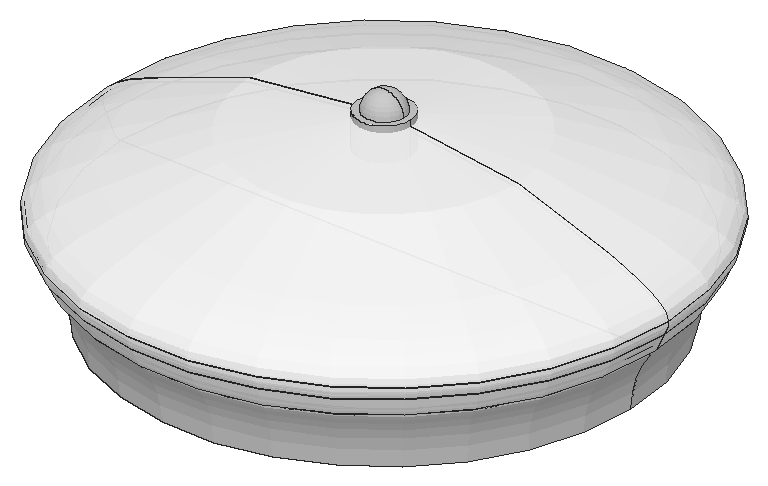
Revit family "0043407", category Lighting Devices, host Face, Revit 2023 (continued)
Definition of nested family "0043407_3000K_13.5W_lightsource"
  Parameters (values of type "START SURFACE IP54 PIR 450-1800 830/840 lightsource")
    built-in parameter 1150142 = "IESNA:LM-63-2002\r\n[TEST] 20231108002M-01\r\n[TESTLAB] \r\n[TESTDATE] 8 Nov 2023\r\n[ISSUEDATE] 8 Nov 2023\r\n[MANUFAC] SYLVANIA\r\n[LUMCAT] 0043407\r\n[LUMINAIRE] START Surface IP44 Multip PIR 1800lm 830 840-3000K 2µµ\r\n[FLASHAREA] 0.017100\r\n[LAMPCAT] LED\r\n[LAMP] LED\r\nTILT=NONE\r\n1 1325.00 1.0 181 3 1 2 -0.300 -0.300 0.000\r\n1.00 1.00 13.50\r\n0.00 1.00 2.00 3.00 4.00 5.00 6.00 7.00 8.00 9.00 10.00 \r\n11.00 12.00 13.00 14.00 15.00 16.00 17.00 18.00 19.00 \r\n20.00 21.00 22.00 23.00 24.00 25.00 26.00 27.00 28.00 \r\n29.00 30.00 31.00 32.00 33.00 34.00 35.00 36.00 37.00 \r\n38.00 39.00 40.00 41.00 42.00 43.00 44.00 45.00 46.00 \r\n47.00 48.00 49.00 50.00 51.00 52.00 53.00 54.00 55.00 \r\n56.00 57.00 58.00 59.00 60.00 61.00 62.00 63.00 64.00 \r\n65.00 66.00 67.00 68.00 69.00 70.00 71.00 72.00 73.00 \r\n74.00 75.00 76.00 77.00 78.00 79.00 80.00 81.00 82.00 \r\n83.00 84.00 85.00 86.00 87.00 88.00 89.00 90.00 91.00 \r\n92.00 93.00 94.00 95.00 96.00 97.00 98.00 99.00 100.00 \r\n101.00 102.00 103.00 104.00 105.00 106.00 107.00 108.00 \r\n109.00 110.00 111.00 112.00 113.00 114.00 115.00 116.00 \r\n117.00 118.00 119.00 120.00 121.00 122.00 123.00 124.00 \r\n125.00 126.00 127.00 128.00 129.00 130.00 131.00 132.00 \r\n133.00 134.00 135.00 136.00 137.00 138.00 139.00 140.00 \r\n141.00 142.00 143.00 144.00 145.00 146.00 147.00 148.00 \r\n149.00 150.00 151.00 152.00 153.00 154.00 155.00 156.00 \r\n157.00 158.00 159.00 160.00 161.00 162.00 163.00 164.00 \r\n165.00 166.00 167.00 168.00 169.00 170.00 171.00 172.00 \r\n173.00 174.00 175.00 176.00 177.00 178.00 179.00 180.00 \r\n0.00 45.00 90.00 \r\n365.44 365.30 364.90 364.38 363.85 363.18 362.39 361.46 \r\n360.53 359.34 358.01 356.69 355.10 353.51 351.79 349.93 \r\n347.94 345.96 343.70 341.45 339.07 336.55 333.90 331.25 \r\n328.33 325.55 322.37 319.32 316.14 312.70 309.25 305.68 \r\n302.10 298.39 294.55 290.70 286.73 282.75 278.65 274.41 \r\n270.04 265.79 261.29 256.79 252.15 247.51 242.87 238.10 \r\n233.20 228.30 223.39 218.36 213.32 208.16 203.12 197.96 \r\n192.66 187.35 182.19 176.89 171.72 166.42 161.25 156.08 \r\n151.05 145.88 140.85 135.94 131.07 126.30 121.52 116.96 \r\n112.52 108.17 103.93 99.76 95.73 91.82 87.94 84.14 80.55 \r\n77.10 73.67 70.45 67.30 64.22 61.25 58.29 55.49 52.84 \r\n50.27 47.89 45.57 43.38 41.33 39.37 37.48 35.74 34.11 \r\n32.63 31.26 29.97 28.79 27.73 26.76 25.82 25.06 24.38 \r\n23.77 23.24 22.78 22.34 21.92 21.53 21.16 20.79 20.44 \r\n20.10 19.76 19.42 19.11 18.78 18.43 18.13 17.77 17.44 \r\n17.07 16.72 16.34 15.99 15.62 15.28 14.97 14.67 14.40 \r\n14.11 13.81 13.53 13.26 12.99 12.69 12.45 12.20 11.89 \r\n11.43 10.96 10.47 9.97 9.49 9.05 8.65 8.37 8.16 8.07 8.15 \r\n8.23 8.26 8.27 8.24 8.24 8.31 8.43 8.50 8.51 8.47 8.13 \r\n7.38 6.26 4.85 3.73 3.28 3.23 3.60 3.87 3.94 4.06 4.67 \r\n5.38 6.03 6.25 6.25 \r\n365.44 365.44 365.17 364.77 364.38 363.71 363.05 362.25 \r\n361.33 360.27 359.21 357.88 356.56 355.10 353.51 351.79 \r\n349.93 347.94 345.96 343.84 341.45 339.20 336.68 334.16 \r\n331.38 328.60 325.69 322.64 319.59 316.41 313.10 309.65 \r\n306.21 302.63 298.92 295.21 291.37 287.39 283.42 279.44 \r\n275.33 271.09 266.72 262.35 257.98 253.47 248.84 244.20 \r\n239.43 234.66 229.89 224.99 219.95 214.91 210.01 204.84 \r\n199.68 194.51 189.34 184.17 178.88 173.71 168.54 163.37 \r\n158.21 152.91 147.87 142.97 137.93 133.16 128.22 123.53 \r\n118.87 114.33 109.86 105.50 101.31 97.19 93.29 89.46 \r\n85.65 82.02 78.39 74.98 71.64 68.44 65.38 62.42 59.56 \r\n56.75 54.06 51.46 49.00 46.64 44.43 42.36 40.40 38.50 \r\n36.76 35.09 33.48 32.05 30.69 29.45 28.35 27.39 26.46 \r\n25.64 24.88 24.22 23.65 23.15 22.72 22.35 22.05 21.76 \r\n21.54 21.37 21.19 20.95 20.64 20.29 19.89 19.45 18.99 \r\n18.48 17.93 17.40 16.92 16.44 15.99 15.52 15.04 14.47 \r\n13.77 12.98 12.19 11.40 10.64 9.91 9.17 8.52 7.99 7.51 \r\n7.07 6.69 6.30 5.93 5.63 5.60 5.69 5.84 6.00 6.30 6.59 \r\n6.88 7.22 7.24 7.12 6.99 6.73 6.31 5.92 5.75 5.45 5.08 \r\n4.47 3.58 3.51 3.44 3.37 3.30 3.23 3.49 3.66 3.78 4.15 \r\n4.56 5.63 6.52 6.66 \r\n365.44 365.57 365.44 365.30 364.90 364.51 363.85 363.18 \r\n362.39 361.59 360.53 359.47 358.28 356.95 355.50 353.77 \r\n352.19 350.33 348.47 346.49 344.24 342.11 339.73 337.34 \r\n334.69 332.04 329.26 326.48 323.56 320.52 317.34 314.02 \r\n310.71 307.27 303.69 300.11 296.27 292.56 288.72 284.74 \r\n280.77 276.66 272.55 268.18 263.94 259.44 255.06 250.42 \r\n245.79 241.15 236.38 231.61 226.84 221.94 216.90 212.00 \r\n206.83 201.80 196.76 191.59 186.43 181.13 176.09 170.92 \r\n165.76 160.59 155.56 150.52 145.48 140.58 135.55 130.82 \r\n125.97 121.37 116.83 112.28 107.96 103.73 99.61 95.56 \r\n91.58 87.73 83.97 80.41 76.82 73.56 70.25 67.08 64.05 \r\n61.06 58.15 55.25 52.67 50.16 47.78 45.49 43.29 41.25 \r\n39.27 37.39 35.67 34.11 32.62 31.26 30.02 28.86 27.82 \r\n26.84 25.90 25.16 24.43 23.84 23.33 22.91 22.52 22.15 \r\n21.89 21.61 21.36 21.11 20.87 20.67 20.43 20.25 20.07 \r\n19.90 19.74 19.57 19.41 19.25 19.07 18.80 18.46 18.03 \r\n17.56 17.00 16.39 15.77 15.12 14.44 13.81 13.21 12.72 \r\n12.31 11.98 11.63 11.29 10.95 10.66 10.38 10.04 9.70 9.33 \r\n8.92 8.46 8.07 7.61 7.18 6.69 6.14 5.60 5.12 4.42 3.72 \r\n3.11 2.66 2.72 3.26 3.90 4.14 3.88 3.03 3.19 3.34 3.50 \r\n3.65 3.80 4.49 5.51 6.80 7.12 \r\n"
    Model = "START SURFACE IP54 PIR 450-1800 830/840 lightsource"
    Manufacturer = "Feilo Sylvania"
    built-in parameter 1150105 = 383.64 (stored number, unit not read)
    Lumens = 1390.5 lm
    built-in parameter 1150115 = 1 (stored number, unit not read)
    built-in parameter 1150137 = (empty or 0)
    built-in parameter 1150139 = (empty or 0)
    built-in parameter 1150112 = 1 (stored number, unit not read)
    built-in parameter 1150114 = 1 (stored number, unit not read)
    Lamp = "LED"
    Keynote = "16500"
    built-in parameter 1150132 = (empty or 0)
    built-in parameter 1150102 = 103
    built-in parameter 1150107 = 3000 (stored number, unit not read)
    built-in parameter 1150138 = (empty or 0)
    built-in parameter 1150106 = 3.8364 (stored number, unit not read)
    Emit from Circle Diameter = 300 mm  # constant formula
    Emit Shape Visible in Rendering = no
    built-in parameter 1150104 = 9.569 (stored number, unit not read)
    Dimming Lamp Color Temperature Shift = (empty or 0)
    Description = ""
    Default Elevation = 1219.2 mm
    Cost = 0
    Color Filter = 16777215
    built-in parameter 1114216 [instance] = (empty or 0)
    built-in parameter 1114218 = 1 (stored number, unit not read)
    built-in parameter 1150133 = 10 (stored number, unit not read)
    Assembly Code = "D5020200"
    Apparent Load = 0 VA
  Reference planes
    plane 1 "Center (Front/Back)": y = 0
    plane 2: z = 0
    plane 3 "Center (Left/Right)": x = 0
  Forms (mm)
    Extrusion 1, solid
      sketch origin (4.2, 0, 0) x (1, 0, 0) y (0, 1, 0)
        loop
          line (-1219.2, 1219.2) -> (-1219.2, -1219.2) -> (1219.2, -1219.2) -> (1219.2, 1219.2) -> (-1219.2, 1219.2)
      from 0 to -68.017
  Dimensions and locks
    aligned and locked: plane 2 to Extrusion 1
    aligned and locked: level to Extrusion 1
Definition of nested family "0043407_3000K_17.5W_lightsource"
  Parameters (values of type "START SURFACE IP54 PIR 450-1800 830/840 lightsource")
    Wattage Comments = "n/a"
    Wattage = 17.5 W
    built-in parameter 1150110 = 1 (stored number, unit not read)
    URL = "http://www.sylvania-lighting.com"
    Type Image = (empty or 0)
    Type Comments = "n/a"
    built-in parameter 1114217 = 1 (stored number, unit not read)
    Tilt Angle = -90.00°
    built-in parameter 1150109 = 1 (stored number, unit not read)
    built-in parameter 1150134 = (empty or 0)
    built-in parameter 1150113 = 1 (stored number, unit not read)
    Photometric Web File = "0043407_3000K_17.5W.IES"
    built-in parameter 1150142 = "IESNA:LM-63-2002\r\n[TEST] 20231108002M-01\r\n[TESTLAB] \r\n[TESTDATE] 8 Nov 2023\r\n[ISSUEDATE] 8 Nov 2023\r\n[MANUFAC] SYLVANIA\r\n[LUMCAT] 0043407\r\n[LUMINAIRE] START Surface IP44 Multip PIR 1800lm 830 840-3000K 1µµ\r\n[FLASHAREA] 0.017100\r\n[LAMPCAT] LED\r\n[LAMP] LED\r\nTILT=NONE\r\n1 1725.00 1.0 181 3 1 2 -0.300 -0.300 0.000\r\n1.00 1.00 17.50\r\n0.00 1.00 2.00 3.00 4.00 5.00 6.00 7.00 8.00 9.00 10.00 \r\n11.00 12.00 13.00 14.00 15.00 16.00 17.00 18.00 19.00 \r\n20.00 21.00 22.00 23.00 24.00 25.00 26.00 27.00 28.00 \r\n29.00 30.00 31.00 32.00 33.00 34.00 35.00 36.00 37.00 \r\n38.00 39.00 40.00 41.00 42.00 43.00 44.00 45.00 46.00 \r\n47.00 48.00 49.00 50.00 51.00 52.00 53.00 54.00 55.00 \r\n56.00 57.00 58.00 59.00 60.00 61.00 62.00 63.00 64.00 \r\n65.00 66.00 67.00 68.00 69.00 70.00 71.00 72.00 73.00 \r\n74.00 75.00 76.00 77.00 78.00 79.00 80.00 81.00 82.00 \r\n83.00 84.00 85.00 86.00 87.00 88.00 89.00 90.00 91.00 \r\n92.00 93.00 94.00 95.00 96.00 97.00 98.00 99.00 100.00 \r\n101.00 102.00 103.00 104.00 105.00 106.00 107.00 108.00 \r\n109.00 110.00 111.00 112.00 113.00 114.00 115.00 116.00 \r\n117.00 118.00 119.00 120.00 121.00 122.00 123.00 124.00 \r\n125.00 126.00 127.00 128.00 129.00 130.00 131.00 132.00 \r\n133.00 134.00 135.00 136.00 137.00 138.00 139.00 140.00 \r\n141.00 142.00 143.00 144.00 145.00 146.00 147.00 148.00 \r\n149.00 150.00 151.00 152.00 153.00 154.00 155.00 156.00 \r\n157.00 158.00 159.00 160.00 161.00 162.00 163.00 164.00 \r\n165.00 166.00 167.00 168.00 169.00 170.00 171.00 172.00 \r\n173.00 174.00 175.00 176.00 177.00 178.00 179.00 180.00 \r\n0.00 45.00 90.00 \r\n474.20 473.86 473.69 473.17 472.31 471.44 470.58 469.55 \r\n468.34 466.79 465.23 463.51 461.61 459.54 457.30 454.88 \r\n452.47 449.71 446.95 444.19 441.08 437.98 434.53 431.08 \r\n427.63 423.66 419.87 415.90 411.76 407.44 402.96 398.48 \r\n393.82 388.99 383.99 378.98 373.98 368.81 363.46 357.94 \r\n352.42 347.07 341.21 335.34 329.48 323.61 317.57 311.19 \r\n304.98 298.60 292.22 285.66 279.11 272.55 265.82 259.09 \r\n252.37 245.64 238.91 232.19 225.28 218.56 211.66 205.10 \r\n198.38 191.82 185.44 178.71 172.67 166.39 160.25 154.15 \r\n148.30 142.55 136.95 131.53 126.18 121.08 116.04 111.07 \r\n106.28 101.74 97.38 93.03 88.79 84.87 80.87 77.09 73.45 \r\n69.91 66.57 63.39 60.34 57.36 54.65 52.09 49.66 47.39 \r\n45.21 43.19 41.26 39.57 38.04 36.60 35.29 34.12 33.09 \r\n32.12 31.22 30.53 29.86 29.24 28.69 28.17 27.65 27.15 \r\n26.67 26.22 25.75 25.32 24.89 24.46 24.03 23.58 23.15 \r\n22.70 22.24 21.77 21.27 20.80 20.32 19.84 19.44 19.08 \r\n18.70 18.34 17.96 17.58 17.20 16.83 16.43 16.08 15.75 \r\n15.28 14.71 14.13 13.48 12.88 12.29 11.73 11.25 10.91 \r\n10.67 10.61 10.77 10.90 10.93 10.92 10.89 10.88 11.02 \r\n11.16 11.26 11.30 11.14 10.64 9.64 8.15 6.32 4.86 4.31 \r\n4.22 4.76 5.12 5.19 5.34 6.15 7.07 7.89 8.21 8.21 \r\n474.20 474.03 473.69 473.34 472.82 472.13 471.27 470.24 \r\n469.03 467.82 466.44 464.71 462.99 461.09 458.85 456.78 \r\n454.37 451.95 449.19 446.43 443.50 440.39 437.29 434.01 \r\n430.39 426.94 423.14 419.18 415.21 411.07 406.76 402.44 \r\n397.96 393.30 388.64 383.64 378.81 373.63 368.46 363.29 \r\n357.94 352.59 346.90 341.38 335.51 329.65 323.78 317.92 \r\n311.71 305.50 299.29 292.91 286.52 279.97 273.41 266.86 \r\n260.30 253.58 246.85 240.12 233.22 226.49 219.94 213.04 \r\n206.31 199.75 193.20 186.65 180.09 173.71 167.38 161.29 \r\n155.18 149.35 143.54 137.91 132.48 127.06 121.91 116.89 \r\n112.04 107.30 102.57 98.12 93.75 89.60 85.58 81.70 78.00 \r\n74.30 70.79 67.36 64.17 61.17 58.29 55.53 52.85 50.40 \r\n48.04 45.87 43.92 42.02 40.24 38.62 37.16 35.79 34.53 \r\n33.53 32.57 31.72 30.91 30.26 29.65 29.19 28.77 28.41 \r\n28.10 27.86 27.62 27.29 26.88 26.41 25.88 25.31 24.70 \r\n24.03 23.29 22.60 21.98 21.36 20.77 20.15 19.51 18.72 \r\n17.70 16.72 15.74 14.77 13.78 12.85 11.93 11.12 10.45 \r\n9.84 9.33 8.86 8.35 7.87 7.49 7.47 7.57 7.76 7.98 8.36 \r\n8.74 9.13 9.53 9.60 9.42 9.22 8.84 8.28 7.75 7.52 7.13 \r\n6.67 5.88 4.76 4.66 4.56 4.46 4.36 4.26 4.58 4.79 4.98 \r\n5.47 5.97 7.36 8.52 8.76 \r\n474.20 474.20 474.03 473.69 473.34 472.65 471.96 471.10 \r\n470.06 469.03 467.65 466.10 464.54 462.64 460.75 458.85 \r\n456.61 454.19 451.78 449.19 446.26 443.50 440.39 437.29 \r\n433.84 430.39 426.77 423.14 419.18 415.21 411.07 406.93 \r\n402.44 397.96 393.47 388.64 383.99 378.98 373.98 368.81 \r\n363.63 358.28 352.76 347.24 341.55 335.86 329.99 324.13 \r\n318.26 312.05 306.02 299.63 293.42 286.87 280.49 274.10 \r\n267.38 260.82 254.27 247.54 240.81 234.08 227.53 220.80 \r\n214.07 207.35 200.79 194.24 187.85 181.47 175.09 168.83 \r\n162.72 156.72 150.73 144.97 139.31 133.76 128.50 123.25 \r\n118.16 113.16 108.33 103.72 99.10 94.88 90.58 86.56 82.61 \r\n78.73 74.93 71.35 67.97 64.72 61.65 58.68 55.79 53.15 \r\n50.65 48.30 46.11 44.07 42.09 40.31 38.76 37.28 35.93 \r\n34.74 33.64 32.64 31.64 30.89 30.26 29.69 29.20 28.76 \r\n28.45 28.07 27.70 27.41 27.13 26.86 26.55 26.32 26.08 \r\n25.86 25.67 25.44 25.25 25.06 24.79 24.48 24.03 23.48 \r\n22.86 22.17 21.39 20.56 19.72 18.85 18.04 17.25 16.59 \r\n16.07 15.63 15.18 14.74 14.29 13.88 13.51 13.10 12.65 \r\n12.17 11.65 11.07 10.53 9.94 9.40 8.78 8.07 7.38 6.74 \r\n5.86 4.92 4.11 3.49 3.60 4.31 5.13 5.45 5.10 3.99 3.76 \r\n3.75 3.75 3.81 5.04 5.92 7.25 8.91 9.33 \r\n"
    Model = "START SURFACE IP54 PIR 450-1800 830/840 lightsource"
    Manufacturer = "Feilo Sylvania"
    built-in parameter 1150105 = 495.5 (stored number, unit not read)
    Lumens = 1802.5 lm
    built-in parameter 1150115 = 1 (stored number, unit not read)
    built-in parameter 1150137 = (empty or 0)
    built-in parameter 1150139 = (empty or 0)
    built-in parameter 1150112 = 1 (stored number, unit not read)
    built-in parameter 1150114 = 1 (stored number, unit not read)
    Lamp = "LED"
    Keynote = "16500"
    built-in parameter 1150132 = (empty or 0)
    built-in parameter 1150102 = 103
    built-in parameter 1150107 = 3000 (stored number, unit not read)
    built-in parameter 1150138 = (empty or 0)
    built-in parameter 1150106 = 4.955 (stored number, unit not read)
    Emit from Circle Diameter = 300 mm  # constant formula
    Emit Shape Visible in Rendering = no
    built-in parameter 1150104 = 9.569 (stored number, unit not read)
    Dimming Lamp Color Temperature Shift = (empty or 0)
    Description = ""
    Default Elevation = 1219.2 mm
    Cost = 0
    Color Filter = 16777215
    built-in parameter 1114216 [instance] = (empty or 0)
    built-in parameter 1114218 = 1 (stored number, unit not read)
    built-in parameter 1150133 = 10 (stored number, unit not read)
    Assembly Code = "D5020200"
    Apparent Load = 0 VA
  Reference planes
    plane 1 "Center (Front/Back)": y = 0
    plane 2: z = 0
    plane 3 "Center (Left/Right)": x = 0
  Forms (mm)
    Extrusion 1, solid
      sketch origin (4.2, 0, 0) x (1, 0, 0) y (0, 1, 0)
        loop
          line (-1219.2, 1219.2) -> (-1219.2, -1219.2) -> (1219.2, -1219.2) -> (1219.2, 1219.2) -> (-1219.2, 1219.2)
      from 0 to -68.017
  Dimensions and locks
    aligned and locked: plane 2 to Extrusion 1
    aligned and locked: level to Extrusion 1
Definition of nested family "0043407_4000K_6W_lightsource"
  Parameters (values of type "START SURFACE IP54 PIR 450-1800 830/840 lightsource")
    Wattage Comments = "n/a"
    Wattage = 6 W
    built-in parameter 1150110 = 1 (stored number, unit not read)
    URL = "http://www.sylvania-lighting.com"
    Type Image = (empty or 0)
    Type Comments = "n/a"
    built-in parameter 1114217 = 1 (stored number, unit not read)
    Tilt Angle = -90.00°
    built-in parameter 1150109 = 1 (stored number, unit not read)
    built-in parameter 1150134 = 12
    built-in parameter 1150113 = 1 (stored number, unit not read)
    Photometric Web File = "0043407_4000K_6W.IES"
    built-in parameter 1150142 = "IESNA:LM-63-2002\r\n[TEST] 20231108002M-01\r\n[TESTLAB] \r\n[TESTDATE] 8 Nov 2023\r\n[ISSUEDATE] 8 Nov 2023\r\n[MANUFAC] SYLVANIA\r\n[LUMCAT] 0043407\r\n[LUMINAIRE] START Surface IP44 Multip PIR 1800lm 830 840-4000K 4µµ\r\n[FLASHAREA] 0.017100\r\n[LAMPCAT] LED\r\n[LAMP] LED\r\nTILT=NONE\r\n1 450.00 1.0 181 3 1 2 -0.300 -0.300 0.000\r\n1.00 1.00 6.00\r\n0.00 1.00 2.00 3.00 4.00 5.00 6.00 7.00 8.00 9.00 10.00 \r\n11.00 12.00 13.00 14.00 15.00 16.00 17.00 18.00 19.00 \r\n20.00 21.00 22.00 23.00 24.00 25.00 26.00 27.00 28.00 \r\n29.00 30.00 31.00 32.00 33.00 34.00 35.00 36.00 37.00 \r\n38.00 39.00 40.00 41.00 42.00 43.00 44.00 45.00 46.00 \r\n47.00 48.00 49.00 50.00 51.00 52.00 53.00 54.00 55.00 \r\n56.00 57.00 58.00 59.00 60.00 61.00 62.00 63.00 64.00 \r\n65.00 66.00 67.00 68.00 69.00 70.00 71.00 72.00 73.00 \r\n74.00 75.00 76.00 77.00 78.00 79.00 80.00 81.00 82.00 \r\n83.00 84.00 85.00 86.00 87.00 88.00 89.00 90.00 91.00 \r\n92.00 93.00 94.00 95.00 96.00 97.00 98.00 99.00 100.00 \r\n101.00 102.00 103.00 104.00 105.00 106.00 107.00 108.00 \r\n109.00 110.00 111.00 112.00 113.00 114.00 115.00 116.00 \r\n117.00 118.00 119.00 120.00 121.00 122.00 123.00 124.00 \r\n125.00 126.00 127.00 128.00 129.00 130.00 131.00 132.00 \r\n133.00 134.00 135.00 136.00 137.00 138.00 139.00 140.00 \r\n141.00 142.00 143.00 144.00 145.00 146.00 147.00 148.00 \r\n149.00 150.00 151.00 152.00 153.00 154.00 155.00 156.00 \r\n157.00 158.00 159.00 160.00 161.00 162.00 163.00 164.00 \r\n165.00 166.00 167.00 168.00 169.00 170.00 171.00 172.00 \r\n173.00 174.00 175.00 176.00 177.00 178.00 179.00 180.00 \r\n0.00 45.00 90.00 \r\n125.46 125.37 125.24 125.05 124.83 124.60 124.29 123.93 \r\n123.57 123.12 122.72 122.17 121.64 121.00 120.42 119.79 \r\n119.11 118.40 117.63 116.82 115.97 115.11 114.21 113.22 \r\n112.23 111.24 110.20 109.17 108.05 106.92 105.70 104.44 \r\n103.23 101.97 100.62 99.27 97.92 96.53 95.09 93.60 92.16 \r\n90.63 89.14 87.57 86.00 84.42 82.76 81.09 79.42 77.76 \r\n76.09 74.39 72.63 70.88 69.12 67.32 65.52 63.76 61.92 \r\n60.16 58.36 56.57 54.77 53.06 51.30 49.55 47.84 46.17 \r\n44.49 42.88 41.23 39.67 38.16 36.67 35.17 33.76 32.41 \r\n31.06 29.79 28.48 27.28 26.09 24.97 23.85 22.80 21.78 \r\n20.74 19.75 18.76 17.80 16.91 16.10 15.32 14.55 13.86 \r\n13.23 12.60 12.02 11.45 10.94 10.49 10.05 9.66 9.31 8.97 \r\n8.70 8.41 8.20 7.98 7.82 7.65 7.50 7.35 7.22 7.10 6.95 \r\n6.84 6.71 6.61 6.49 6.37 6.26 6.16 6.03 5.91 5.78 5.67 \r\n5.55 5.42 5.28 5.17 5.06 4.94 4.85 4.75 4.64 4.54 4.43 \r\n4.34 4.24 4.15 4.06 3.99 3.87 3.72 3.55 3.39 3.22 3.05 \r\n2.91 2.77 2.68 2.60 2.59 2.59 2.60 2.60 2.61 2.61 2.62 \r\n2.62 2.63 2.65 2.66 2.66 2.57 2.31 1.93 1.46 1.11 0.99 \r\n0.97 1.07 1.17 1.18 1.25 1.46 1.70 1.90 1.98 1.99 \r\n125.46 125.37 125.28 125.15 124.97 124.70 124.47 124.15 \r\n123.80 123.39 122.99 122.58 122.09 121.55 120.91 120.38 \r\n119.70 119.03 118.30 117.54 116.73 115.92 115.06 114.12 \r\n113.13 112.14 111.15 110.07 108.99 107.91 106.74 105.57 \r\n104.31 103.09 101.84 100.53 99.23 97.88 96.53 95.09 93.69 \r\n92.20 90.72 89.24 87.70 86.17 84.56 82.98 81.31 79.69 \r\n78.08 76.41 74.70 72.99 71.28 69.53 67.73 66.02 64.22 \r\n62.46 60.66 58.86 57.11 55.31 53.59 51.84 50.09 48.42 \r\n46.71 45.05 43.39 41.81 40.22 38.66 37.13 35.65 34.21 \r\n32.82 31.49 30.15 28.87 27.63 26.42 25.25 24.15 23.09 \r\n22.11 21.14 20.15 19.19 18.27 17.37 16.54 15.73 14.97 \r\n14.26 13.56 12.94 12.34 11.77 11.25 10.75 10.29 9.87 9.51 \r\n9.13 8.81 8.55 8.28 8.06 7.86 7.70 7.56 7.42 7.32 7.22 \r\n7.14 7.07 7.01 6.95 6.82 6.70 6.56 6.40 6.24 6.07 5.87 \r\n5.68 5.50 5.34 5.19 5.03 4.87 4.68 4.45 4.19 3.90 3.62 \r\n3.36 3.11 2.88 2.66 2.46 2.30 2.16 2.06 1.94 1.80 1.77 \r\n1.77 1.79 1.85 1.91 2.04 2.13 2.23 2.27 2.23 2.19 2.12 \r\n2.01 1.85 1.72 1.68 1.60 1.50 1.32 1.25 1.18 1.11 1.04 \r\n0.97 1.00 1.09 1.15 1.19 1.33 1.47 1.85 2.13 2.12 \r\n125.46 125.46 125.46 125.37 125.24 125.05 124.83 124.56 \r\n124.29 123.98 123.57 123.16 122.72 122.22 121.68 121.14 \r\n120.51 119.88 119.20 118.53 117.77 116.95 116.15 115.29 \r\n114.39 113.44 112.50 111.56 110.56 109.49 108.41 107.24 \r\n106.06 104.89 103.64 102.42 101.11 99.81 98.51 97.16 \r\n95.76 94.32 92.88 91.44 89.91 88.42 86.85 85.36 83.75 \r\n82.17 80.55 78.89 77.22 75.56 73.89 72.14 70.42 68.67 \r\n66.91 65.20 63.45 61.65 59.89 58.14 56.38 54.63 52.88 \r\n51.16 49.46 47.79 46.08 44.45 42.83 41.29 39.72 38.22 \r\n36.72 35.28 33.88 32.51 31.17 29.87 28.61 27.40 26.18 \r\n25.03 23.90 22.84 21.80 20.77 19.76 18.78 17.84 16.97 \r\n16.16 15.37 14.63 13.92 13.28 12.65 12.08 11.52 11.04 \r\n10.55 10.13 9.74 9.37 9.06 8.76 8.52 8.26 8.08 7.89 7.75 \r\n7.61 7.50 7.40 7.30 7.22 7.12 7.07 7.00 6.90 6.85 6.78 \r\n6.71 6.67 6.61 6.55 6.50 6.42 6.33 6.21 6.05 5.89 5.68 \r\n5.49 5.27 5.04 4.82 4.60 4.39 4.21 4.08 3.97 3.85 3.72 \r\n3.61 3.49 3.40 3.28 3.18 3.06 2.92 2.75 2.63 2.47 2.33 \r\n2.14 1.95 1.77 1.59 1.34 1.11 0.90 0.75 0.75 0.90 1.13 \r\n1.21 1.20 0.89 0.96 1.04 1.11 1.19 1.26 1.34 1.69 2.14 \r\n2.24 \r\n"
    Model = "START SURFACE IP54 PIR 450-1800 830/840 lightsource"
    Manufacturer = "Feilo Sylvania"
    built-in parameter 1150105 = 172.3 (stored number, unit not read)
    Lumens = 618 lm
    built-in parameter 1150115 = 1 (stored number, unit not read)
    built-in parameter 1150137 = (empty or 0)
    built-in parameter 1150139 = (empty or 0)
    built-in parameter 1150112 = 1 (stored number, unit not read)
    built-in parameter 1150114 = 1 (stored number, unit not read)
    Lamp = "LED"
    Keynote = "16500"
    built-in parameter 1150132 = (empty or 0)
    built-in parameter 1150102 = 103
    built-in parameter 1150107 = 4000 (stored number, unit not read)
    built-in parameter 1150138 = (empty or 0)
    built-in parameter 1150106 = 1.723 (stored number, unit not read)
    Emit from Circle Diameter = 300 mm  # constant formula
    Emit Shape Visible in Rendering = no
    built-in parameter 1150104 = 9.569 (stored number, unit not read)
    Dimming Lamp Color Temperature Shift = (empty or 0)
    Description = ""
    Default Elevation = 1219.2 mm
    Cost = 0
    Color Filter = 16777215
    built-in parameter 1114216 [instance] = (empty or 0)
    built-in parameter 1114218 = 1 (stored number, unit not read)
    built-in parameter 1150133 = 10 (stored number, unit not read)
    Assembly Code = "D5020200"
    Apparent Load = 0 VA
  Reference planes
    plane 1 "Center (Front/Back)": y = 0
    plane 2: z = 0
    plane 3 "Center (Left/Right)": x = 0
  Forms (mm)
    Extrusion 1, solid
      sketch origin (4.2, 0, 0) x (1, 0, 0) y (0, 1, 0)
        loop
          line (-1219.2, 1219.2) -> (-1219.2, -1219.2) -> (1219.2, -1219.2) -> (1219.2, 1219.2) -> (-1219.2, 1219.2)
      from 0 to -68.017
  Dimensions and locks
    aligned and locked: plane 2 to Extrusion 1
    aligned and locked: level to Extrusion 1
Definition of nested family "0043407_4000K_9.3W_lightsource"
  Parameters (values of type "START SURFACE IP54 PIR 450-1800 830/840 lightsource")
    Wattage Comments = "n/a"
    Wattage = 9.3 W
    built-in parameter 1150110 = 1 (stored number, unit not read)
    URL = "http://www.sylvania-lighting.com"
    Type Image = (empty or 0)
    Type Comments = "n/a"
    built-in parameter 1114217 = 1 (stored number, unit not read)
    Tilt Angle = -90.00°
    built-in parameter 1150109 = 1 (stored number, unit not read)
    built-in parameter 1150134 = 12
    built-in parameter 1150113 = 1 (stored number, unit not read)
    Photometric Web File = "0043407_4000K_9.3W.IES"
